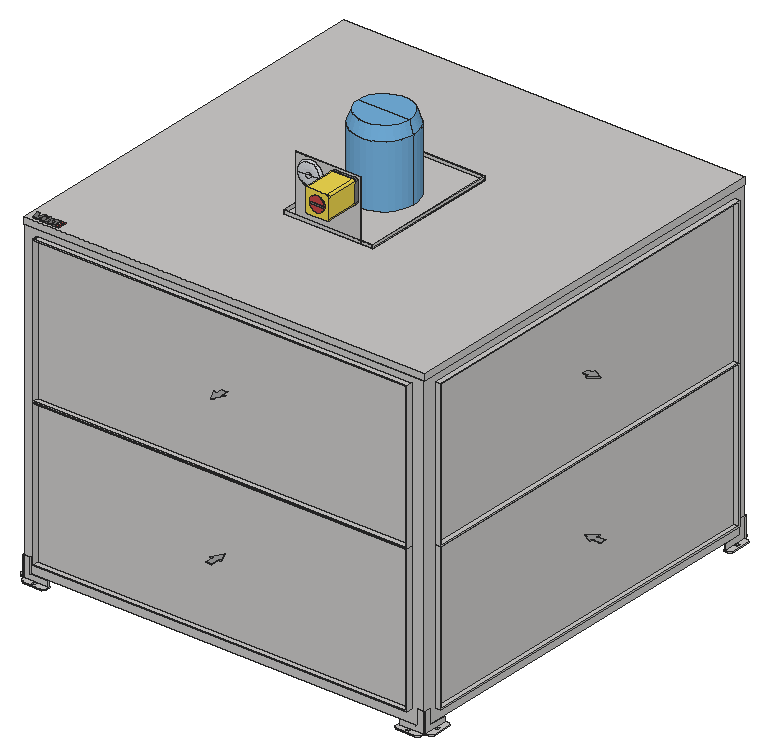
Revit family "BIM_KUBAIR F400 CC INTZ BDEZ Vertical", category Equipement de génie climatique, Revit 2016 (continued)
Types (75, lengths in mm): name | Tension_nominale | Puissance_electrique | Prof_INTZ | Position_A_equerre | Poids | Nombre_de_phases | Modèle | L | H | GC | Debit_mini | Debit_maxi | D | Courant_nominal | Code_article | C | BVC | A
  KUBAIR F400 CC 450 4/8PT INTZ BDEZ 1,20/0,30kW | 400 V | 1200 W | 120 | 175 | "94 Kg" | "3" | "KUBAIR F400 CC 450 4/8PT INTZ BDEZ 1,20/0,30kW Caisson" | 321 | 378 | 50 | "1230 m³/h" | "7080 m³/h" | 711 | 2.92 A | "644654" | 326 | 738 | 779
  KUBAIR F400 CC 450 6/8PT INTZ BDEZ 0,37/0,20kW | 400 V | 370 W | 120 | 175 | "94 Kg" | "3" | "KUBAIR F400 CC 450 6/8PT INTZ BDEZ 0,37/0,20kW Caisson" | 321 | 378 | 50 | "820 m³/h" | "4750 m³/h" | 711 | 1.4 A | "644658" | 326 | 738 | 779
  KUBAIR F400 CC 500 6PM INTZ BDEZ 0,37kW | 230 V | 370 W | 120 | 175 | "114 Kg" | "1" | "KUBAIR F400 CC 500 6PM INTZ BDEZ 0,37kW Caisson" | 351 | 402 | 62 | "920 m³/h" | "5960 m³/h" | 768 | 3 A | "644662" | 338 | 784 | 858
  KUBAIR F400 CC 500 4PT IE2 INTZ BDEZ 1,5kW | 400 V | 1500 W | 120 | 175 | "114 Kg" | "3" | "KUBAIR F400 CC 500 4PT IE2 INTZ BDEZ 1,5kW Caisson" | 351 | 402 | 62 | "1370 m³/h" | "8850 m³/h" | 768 | 3.26 A | "644666" | 338 | 784 | 858
  KUBAIR F400 CC 500 4PT IE3 INTZ BDEZ 1,5kW | 400 V | 1500 W | 120 | 175 | "114 Kg" | "3" | "KUBAIR F400 CC 500 4PT IE3 INTZ BDEZ 1,5kW Caisson" | 351 | 402 | 62 | "1370 m³/h" | "8850 m³/h" | 768 | 3.15 A | "644670" | 338 | 784 | 858
  KUBAIR F400 CC 500 6PT IE1 INTZ BDEZ 0,55kW | 400 V | 550 W | 120 | 175 | "114 Kg" | "3" | "KUBAIR F400 CC 500 6PT IE1 INTZ BDEZ 0,55kW Caisson" | 351 | 402 | 62 | "920 m³/h" | "5960 m³/h" | 768 | 1.62 A | "644674" | 338 | 784 | 858
  KUBAIR F400 CC 500 6PT IE2 INTZ BDEZ 0,55kW | 400 V | 550 W | 120 | 175 | "114 Kg" | "3" | "KUBAIR F400 CC 500 6PT IE2 INTZ BDEZ 0,55kW Caisson" | 351 | 402 | 62 | "920 m³/h" | "5960 m³/h" | 768 | 1.49 A | "644678" | 338 | 784 | 858
  KUBAIR F400 CC 500 6PT IE3 INTZ BDEZ 0,55kW | 400 V | 550 W | 120 | 175 | "114 Kg" | "3" | "KUBAIR F400 CC 500 6PT IE3 INTZ BDEZ 0,55kW Caisson" | 351 | 402 | 62 | "920 m³/h" | "5960 m³/h" | 768 | 1.45 A | "644682" | 338 | 784 | 858
  KUBAIR F400 CC 500 8PT IE1 INTZ BDEZ 0,18kW | 400 V | 180 W | 120 | 175 | "114 Kg" | "3" | "KUBAIR F400 CC 500 8PT IE1 INTZ BDEZ 0,18kW Caisson" | 351 | 402 | 62 | "660 m³/h" | "4280 m³/h" | 768 | 0.86 A | "644686" | 338 | 784 | 858
  KUBAIR F400 CC 500 8PT IE2 INTZ BDEZ 0,18kW | 400 V | 180 W | 120 | 175 | "114 Kg" | "3" | "KUBAIR F400 CC 500 8PT IE2 INTZ BDEZ 0,18kW Caisson" | 351 | 402 | 62 | "660 m³/h" | "4280 m³/h" | 768 | 0.73 A | "644690" | 338 | 784 | 858
  KUBAIR F400 CC 500 8PT IE3 INTZ BDEZ 0,18kW | 400 V | 180 W | 120 | 175 | "114 Kg" | "3" | "KUBAIR F400 CC 500 8PT IE3 INTZ BDEZ 0,18kW Caisson" | 351 | 402 | 62 | "660 m³/h" | "4280 m³/h" | 768 | 0.68 A | "644694" | 338 | 784 | 858
  KUBAIR F400 CC 500 4/6PT INTZ BDEZ 1,50/0,37kW | 400 V | 1500 W | 120 | 175 | "116 Kg" | "3" | "KUBAIR F400 CC 500 4/6PT INTZ BDEZ 1,50/0,37kW Caisson" | 351 | 402 | 62 | "1370 m³/h" | "8850 m³/h" | 768 | 3.65 A | "644698" | 338 | 784 | 858
  KUBAIR F400 CC 500 4/8PT INTZ BDEZ 1,60/0,40kW | 400 V | 1600 W | 120 | 175 | "116 Kg" | "3" | "KUBAIR F400 CC 500 4/8PT INTZ BDEZ 1,60/0,40kW Caisson" | 351 | 402 | 62 | "1370 m³/h" | "8850 m³/h" | 768 | 3.85 A | "644702" | 338 | 784 | 858
  KUBAIR F400 CC 500 6/8PT INTZ BDEZ 0,55/0,37kW | 400 V | 550 W | 120 | 175 | "116 Kg" | "3" | "KUBAIR F400 CC 500 6/8PT INTZ BDEZ 0,55/0,37kW Caisson" | 351 | 402 | 62 | "920 m³/h" | "5960 m³/h" | 768 | 1.89 A | "644706" | 338 | 784 | 858
  KUBAIR F400 CC 560 4PT IE2 INTZ BDEZ 2,2kW | 400 V | 2200 W | 120 | 213 | "159 Kg" | "3" | "KUBAIR F400 CC 560 4PT IE2 INTZ BDEZ 2,2kW Caisson" | 351 | 419 | 62 | "1520 m³/h" | "11330 m³/h" | 864 | 4.8 A | "644710" | 354 | 817 | 954
  KUBAIR F400 CC 560 4PT IE3 INTZ BDEZ 2,2kW | 400 V | 2200 W | 120 | 213 | "159 Kg" | "3" | "KUBAIR F400 CC 560 4PT IE3 INTZ BDEZ 2,2kW Caisson" | 351 | 419 | 62 | "1520 m³/h" | "11330 m³/h" | 864 | 4.56 A | "644714" | 354 | 817 | 954
  KUBAIR F400 CC 560 6PT IE2 INTZ BDEZ 0,75kW | 400 V | 750 W | 120 | 213 | "159 Kg" | "3" | "KUBAIR F400 CC 560 6PT IE2 INTZ BDEZ 0,75kW Caisson" | 351 | 419 | 62 | "1020 m³/h" | "7630 m³/h" | 864 | 1.95 A | "644718" | 354 | 817 | 954
  KUBAIR F400 CC 560 6PT IE3 INTZ BDEZ 0,75kW | 400 V | 750 W | 120 | 213 | "159 Kg" | "3" | "KUBAIR F400 CC 560 6PT IE3 INTZ BDEZ 0,75kW Caisson" | 351 | 419 | 62 | "1020 m³/h" | "7630 m³/h" | 864 | 1.93 A | "644722" | 354 | 817 | 954
  KUBAIR F400 CC 560 8PT IE1 INTZ BDEZ 0,37kW | 400 V | 370 W | 120 | 213 | "159 Kg" | "3" | "KUBAIR F400 CC 560 8PT IE1 INTZ BDEZ 0,37kW Caisson" | 351 | 419 | 62 | "740 m³/h" | "5490 m³/h" | 864 | 1.45 A | "644726" | 354 | 817 | 954
  KUBAIR F400 CC 560 8PT IE2 INTZ BDEZ 0,37kW | 400 V | 370 W | 120 | 213 | "159 Kg" | "3" | "KUBAIR F400 CC 560 8PT IE2 INTZ BDEZ 0,37kW Caisson" | 351 | 419 | 62 | "740 m³/h" | "5490 m³/h" | 864 | 1.39 A | "644730" | 354 | 817 | 954
  KUBAIR F400 CC 560 8PT IE3 INTZ BDEZ 0,37kW | 400 V | 370 W | 120 | 213 | "159 Kg" | "3" | "KUBAIR F400 CC 560 8PT IE3 INTZ BDEZ 0,37kW Caisson" | 351 | 419 | 62 | "740 m³/h" | "5490 m³/h" | 864 | 1.31 A | "644734" | 354 | 817 | 954
  KUBAIR F400 CC 560 4/6PT INTZ BDEZ 2,20/0,70kW | 400 V | 2200 W | 120 | 213 | "161 Kg" | "3" | "KUBAIR F400 CC 560 4/6PT INTZ BDEZ 2,20/0,70kW Caisson" | 351 | 419 | 62 | "1520 m³/h" | "11330 m³/h" | 864 | 4.91 A | "644738" | 354 | 817 | 954
  KUBAIR F400 CC 560 4/8PT INTZ BDEZ 2,20/0,55kW | 400 V | 2200 W | 120 | 213 | "161 Kg" | "3" | "KUBAIR F400 CC 560 4/8PT INTZ BDEZ 2,20/0,55kW Caisson" | 351 | 419 | 62 | "1520 m³/h" | "11330 m³/h" | 864 | 4.84 A | "644742" | 354 | 817 | 954
  KUBAIR F400 CC 560 6/8PT INTZ BDEZ 0,75/0,37kW | 400 V | 750 W | 120 | 213 | "161 Kg" | "3" | "KUBAIR F400 CC 560 6/8PT INTZ BDEZ 0,75/0,37kW Caisson" | 351 | 419 | 62 | "1020 m³/h" | "7630 m³/h" | 864 | 2.42 A | "644746" | 354 | 817 | 954
  KUBAIR F400 CC 630 6PT IE2 INTZ BDEZ 1,1kW | 400 V | 1100 W | 120 | 213 | "162 Kg" | "3" | "KUBAIR F400 CC 630 6PT IE2 INTZ BDEZ 1,1kW Caisson" | 351 | 466 | 62 | "1150 m³/h" | "10000 m³/h" | 977 | 2.78 A | "644750" | 403 | 912 | 1066
  KUBAIR F400 CC 630 6PT IE3 INTZ BDEZ 1,1kW | 400 V | 1100 W | 120 | 213 | "162 Kg" | "3" | "KUBAIR F400 CC 630 6PT IE3 INTZ BDEZ 1,1kW Caisson" | 351 | 466 | 62 | "1150 m³/h" | "10000 m³/h" | 977 | 2.69 A | "644754" | 403 | 912 | 1066
  KUBAIR F400 CC 630 8PT IE1 INTZ BDEZ 0,55kW | 400 V | 550 W | 120 | 213 | "163 Kg" | "3" | "KUBAIR F400 CC 630 8PT IE1 INTZ BDEZ 0,55kW Caisson" | 351 | 466 | 62 | "860 m³/h" | "7270 m³/h" | 977 | 2.01 A | "644758" | 403 | 912 | 1066
  KUBAIR F400 CC 630 8PT IE2 INTZ BDEZ 0,55kW | 400 V | 550 W | 120 | 213 | "163 Kg" | "3" | "KUBAIR F400 CC 630 8PT IE2 INTZ BDEZ 0,55kW Caisson" | 351 | 466 | 62 | "860 m³/h" | "7270 m³/h" | 977 | 1.88 A | "644762" | 403 | 912 | 1066
  KUBAIR F400 CC 630 8PT IE3 INTZ BDEZ 0,55kW | 400 V | 550 W | 120 | 213 | "163 Kg" | "3" | "KUBAIR F400 CC 630 8PT IE3 INTZ BDEZ 0,55kW Caisson" | 351 | 466 | 62 | "860 m³/h" | "7270 m³/h" | 977 | 1.78 A | "644766" | 403 | 912 | 1066
  KUBAIR F400 CC 630 6/8PT INTZ BDEZ 1,10/0,55kW | 400 V | 1100 W | 120 | 213 | "164 Kg" | "3" | "KUBAIR F400 CC 630 6/8PT INTZ BDEZ 1,10/0,55kW Caisson" | 351 | 466 | 62 | "1150 m³/h" | "10000 m³/h" | 977 | 3.54 A | "644770" | 403 | 912 | 1066
  KUBAIR F400 CC 630 6/12PT INTZ BDEZ 1,10/0,22kW | 400 V | 1100 W | 120 | 213 | "164 Kg" | "3" | "KUBAIR F400 CC 630 6/12PT INTZ BDEZ 1,10/0,22kW Caisson" | 351 | 466 | 62 | "1150 m³/h" | "10000 m³/h" | 977 | 4 A | "644774" | 403 | 912 | 1066
  KUBAIR F400 CC 710 6PT IE2 INTZ BDEZ 3,0kW | 400 V | 3000 W | 120 | 234 | "264 Kg" | "3" | "KUBAIR F400 CC 710 6PT IE2 INTZ BDEZ 3,0kW Caisson" | 446 | 526 | 62 | "420 m³/h" | "18900 m³/h" | 1104 | 7.3 A | "644778" | 462 | 1032 | 1194
  KUBAIR F400 CC 710 6PT IE3 INTZ BDEZ 3,0kW | 400 V | 3000 W | 120 | 234 | "264 Kg" | "3" | "KUBAIR F400 CC 710 6PT IE3 INTZ BDEZ 3,0kW Caisson" | 446 | 526 | 62 | "420 m³/h" | "18900 m³/h" | 1104 | 6.91 A | "644782" | 462 | 1032 | 1194
  KUBAIR F400 CC 710 8PT IE1 INTZ BDEZ 2,2kW | 400 V | 2200 W | 120 | 234 | "265 Kg" | "3" | "KUBAIR F400 CC 710 8PT IE1 INTZ BDEZ 2,2kW Caisson" | 446 | 526 | 62 | "300 m³/h" | "13600 m³/h" | 1104 | 5.35 A | "644786" | 462 | 1032 | 1194
  KUBAIR F400 CC 710 8PT IE2 INTZ BDEZ 2,2kW | 400 V | 2200 W | 120 | 234 | "265 Kg" | "3" | "KUBAIR F400 CC 710 8PT IE2 INTZ BDEZ 2,2kW Caisson" | 446 | 526 | 62 | "300 m³/h" | "13600 m³/h" | 1104 | 5.44 A | "644790" | 462 | 1032 | 1194
  KUBAIR F400 CC 710 8PT IE3 INTZ BDEZ 2,2kW | 400 V | 2200 W | 120 | 234 | "265 Kg" | "3" | "KUBAIR F400 CC 710 8PT IE3 INTZ BDEZ 2,2kW Caisson" | 446 | 526 | 62 | "300 m³/h" | "13600 m³/h" | 1104 | 5.34 A | "644794" | 462 | 1032 | 1194
  KUBAIR F400 CC 710 6/8PT INTZ BDEZ 3,00/0,75kW | 400 V | 3000 W | 120 | 234 | "266 Kg" | "3" | "KUBAIR F400 CC 710 6/8PT INTZ BDEZ 3,00/0,75kW Caisson" | 446 | 526 | 62 | "420 m³/h" | "18900 m³/h" | 1104 | 8.04 A | "644798" | 462 | 1032 | 1194
  KUBAIR F400 CC 710 6/12PT INTZ BDEZ 4,0/1,0kW | 400 V | 4000 W | 120 | 234 | "266 Kg" | "3" | "KUBAIR F400 CC 710 6/12PT INTZ BDEZ 4,0/1,0kW Caisson" | 446 | 526 | 62 | "420 m³/h" | "18900 m³/h" | 1104 | 12.6 A | "644802" | 462 | 1032 | 1194
  KUBAIR F400 CC 800 6PT IE2 INTZ BDEZ 4,0kW | 400 V | 4000 W | 120 | 234 | "307 Kg" | "3" | "KUBAIR F400 CC 800 6PT IE2 INTZ BDEZ 4,0kW Caisson" | 446 | 552 | 62 | "660 m³/h" | "23390 m³/h" | 1248 | 9.46 A | "644806" | 488 | 1084 | 1338
  KUBAIR F400 CC 800 6PT IE3 INTZ BDEZ 4,0kW | 400 V | 4000 W | 120 | 234 | "307 Kg" | "3" | "KUBAIR F400 CC 800 6PT IE3 INTZ BDEZ 4,0kW Caisson" | 446 | 552 | 62 | "660 m³/h" | "23390 m³/h" | 1248 | 8.99 A | "644810" | 488 | 1084 | 1338
  KUBAIR F400 CC 800 8PT IE1 INTZ BDEZ 2,2kW | 400 V | 2200 W | 120 | 234 | "308 Kg" | "3" | "KUBAIR F400 CC 800 8PT IE1 INTZ BDEZ 2,2kW Caisson" | 446 | 552 | 62 | "480 m³/h" | "16910 m³/h" | 1248 | 5.35 A | "644814" | 488 | 1084 | 1338
  KUBAIR F400 CC 800 8PT IE2 INTZ BDEZ 2,2kW | 400 V | 2200 W | 120 | 234 | "308 Kg" | "3" | "KUBAIR F400 CC 800 8PT IE2 INTZ BDEZ 2,2kW Caisson" | 446 | 552 | 62 | "480 m³/h" | "16910 m³/h" | 1248 | 5.44 A | "644818" | 488 | 1084 | 1338
  KUBAIR F400 CC 800 8PT IE3 INTZ BDEZ 2,2kW | 400 V | 2200 W | 120 | 234 | "308 Kg" | "3" | "KUBAIR F400 CC 800 8PT IE3 INTZ BDEZ 2,2kW Caisson" | 446 | 552 | 62 | "480 m³/h" | "16910 m³/h" | 1248 | 5.34 A | "644822" | 488 | 1084 | 1338
  KUBAIR F400 CC 800 6/8PT INTZ BDEZ 4,0/1,1kW | 400 V | 4000 W | 120 | 234 | "309 Kg" | "3" | "KUBAIR F400 CC 800 6/8PT INTZ BDEZ 4,0/1,1kW Caisson" | 446 | 552 | 62 | "660 m³/h" | "23390 m³/h" | 1248 | 16.2 A | "644826" | 488 | 1084 | 1338
  KUBAIR F400 CC 800 6/12PT INTZ BDEZ 4,0/1,0kW | 400 V | 4000 W | 120 | 234 | "309 Kg" | "3" | "KUBAIR F400 CC 800 6/12PT INTZ BDEZ 4,0/1,0kW Caisson" | 446 | 552 | 62 | "660 m³/h" | "23390 m³/h" | 1248 | 12.6 A | "644830" | 488 | 1084 | 1338
